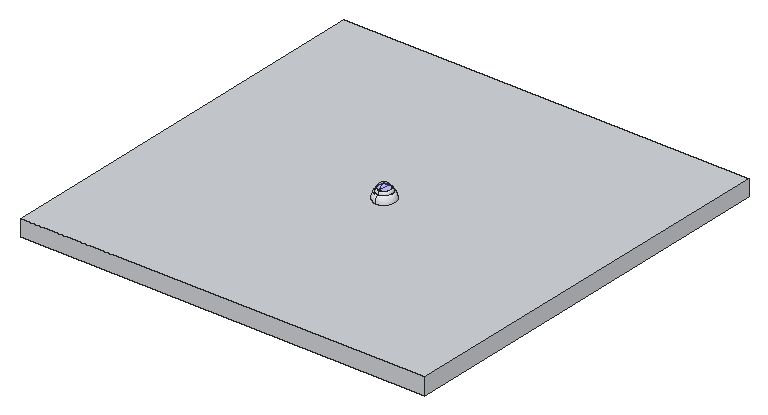
Revit family "BEG-92750", category Dispositifs d'éclairage, Revit 2015
Parameters
  Detection zone [instance] = yes
  Seat area [instance] = Height position < 351 cm  # yes
  URL = "http://www.luxomat.com/en-92750"
  Type of output = "DALI (50 ballast max)+DALI"
  Ambiant temperature = "-25°C to +50°C"
  Ref = "92750"
  Relay = "0"
  Height position [instance] = 250 cm
  Direct Range [instance] = Height position * 3.2  # 800 cm
  Transversal range [instance] = Height position * 9.6  # 2400 cm
  Modèle = "PD4-M-TRIO-DALI-SM"
  Installation type = "Ceiling"
  Brand = "LUXOMAT"
  Image du type = 92751.jpg
  IP = "20"
  Mounting height max = Installation height max  # 350 cm
  Installation height max = 350 cm
  Fabricant = "B.E.G"
  Label [instance] = yes
  Default Elevation = 0 cm
  Consumption = "2,09W"
  Commentaires du type = "Occupancy detector PD4-M-TRIO-DALI-SM"
  Code d'assemblage = "D5010200"
  Class = "2"
  Switching power LED = "0"
  Switching power Cos ɸ =1 = "0"
  Switching power Cos ɸ =0,5 = "0"
  Power voltage = "110-240 V AC"
  Seated activity [instance] = Height position * 2.56  # 640 cm
Reference planes (cm)
  plane 1 "Centre (avant/arrière)": y = 0
  plane 2: z = 0
  plane 3 "Centre (gauche/droite)": x = 0
Forms (cm)
  Extrusion 1, solid
    sketch origin (0, 0, 0) x (1, 0, 0) y (0, 1, 0)
      loop
        line (-121.92, 121.92) -> (-121.92, -121.92) -> (121.92, -121.92) -> (121.92, 121.92) -> (-121.92, 121.92)
    from 0 to -10
Dimensions and locks (cm)
  aligned and locked: plane 2 to Extrusion 1
  aligned and locked: level to Extrusion 1
  aligned and locked: nested 2 to plane 2
Nested families (cm)
  nested 1: "Famille1" at (0, -72.6659, 0) x (-1, 0, 0) z (0, 0, 1), reference <- "Ref", modele <- "Modèle", visible <- "Label", type "Famille1"
    with reference "92750", modele "PD4-M-TRIO-DALI-SM"
  nested 2: "M17" at (0, 0, 0), type "Standard"
  nested 3: "zone H" at (0, 0, 0) x (-1, 0, 0) z (0, 0, 1), visible <- "Detection zone", biais <- "Transversal range", frontal <- "Direct Range", activité assise <- "Seated activity", Zone assise <- "Seat area", type "zone H"
    with position 2 320 cm, position 1 960 cm, frontal 800 cm, biais 2400 cm, activité assise 640 cm, Zone assise yes
  nested 4: "Plafond 360° 2D" at (0, 0, 0), type "Plafond 360° 2D"
Connectors (cm)
  electrical at (0, 0, 0)
    settings: on nested 2, index 1, voltage 240 V, apparent load 0 VA, apparent load phase1 0 VA, apparent load phase2 0 VA, apparent load phase3 0 VA, power factor 1, load classification "Eclairage", number of poles 1, system type 31, power factor state 1, is connector primary yes, connector utility no, sub classification motor no, connector description ""
Definition of nested family "M17"
  Reference planes (cm)
    plane 1 "Centre (avant/arrière)": y = 0
    plane 2: z = 0
    plane 3 "Centre (gauche/droite)": x = 0
    plane 4: x = 0
  Forms (cm)
    Revolve 1, solid
      sketch origin (0, 0, 0) x (0, -1, 0) y (0, 0, 1)
        loop
          line (0, 0) -> (0, 5.75) -> (-3.85, 5.75)
          arc (-3.85, 5.75) -> (-4.2917, 5.0342) -> (-4.4, 4.2) r 2
          line (-4.4, 4.2) -> (-5.05, 4.2)
          arc (-5.05, 4.2) -> (-6.0341, 2.212) -> (-6.2, 0) r 5.8
          line (-6.2, 0) -> (0, 0)
        axis (0, 0) -> (0, 5.75)
      angle from 0 to 360
    Revolve 2, solid
      sketch origin (0, 0, 0) x (0, -1, 0) y (0, 0, 1)
        loop
          arc (0, 8.5) -> (-2.2453, 7.7321) -> (-3.55, 5.75) r 3.6664
          line (-3.55, 5.75) -> (0, 5.75) -> (0, 8.5)
        axis (0, 5.75) -> (0, 8.5)
      angle from 0 to 360
  Lines and regions (cm)
    reference lines
      curve 1: line (0, 0, 0) -> (0, 0, 8.5)
      curve 2: line (0, 0, 5.75) -> (0, 3.85, 5.75)
      curve 3: arc (0, 3.85, 5.75) -> (0, 4.2917, 5.0342) -> (0, 4.4, 4.2) r 2
      curve 4: line (0, 4.4, 4.2) -> (0, 5.05, 4.2)
      curve 5: arc (0, 5.05, 4.2) -> (0, 6.0341, 2.212) -> (0, 6.2, 0) r 5.8
      curve 6: line (0, 0, 0) -> (0, 6.2, 0)
      curve 7: arc (0, 0, 8.5) -> (0, 2.2453, 7.7321) -> (0, 3.55, 5.75) r 3.6664
      curve 8: line (0, 3.55, 5.75) -> (0, 0, 5.75)
      curve 9: line (0, 0, 8.5) -> (0, 0, 5.75)
      curve 10: line (0, 0, 0) -> (0, 0, 8.5)
  Dimensions and locks (cm)
    aligned and locked: level to plane 2
    aligned and locked: Revolve 1 sketch curve to curve 1  (x2)
    aligned and locked: Revolve 1 sketch curve to curve 2
    aligned and locked: Revolve 1 sketch curve to curve 3
    aligned and locked: Revolve 1 sketch curve to curve 4
    aligned and locked: Revolve 1 sketch curve to curve 5
    aligned and locked: Revolve 1 sketch curve to curve 6
    aligned and locked: Revolve 2 sketch curve to curve 7
    aligned and locked: Revolve 2 sketch curve to curve 8
    aligned and locked: Revolve 2 sketch curve to curve 9
    aligned and locked: Revolve 2 sketch curve to curve 10
Definition of nested family "Famille1"
  Parameters (values of type "Famille1")
    reference [instance] = ""
    modele [instance] = ""
  Reference planes (cm)
    plane 1: y = 0
    plane 2: x = 0
  Text (cm)
    label "reference\n\nmodele" at (0.0074, 0.0451, 0), shows "reference", "modele"
Definition of nested family "zone H"
  Parameters (values of type "zone H")
    position 2 [instance] = (frontal / 2) * 0.8  # 320 cm
    position 1 [instance] = (biais / 2) * 0.8  # 960 cm
    frontal [instance] = 800 cm
    biais [instance] = 2400 cm
    activité assise [instance] = 640 cm
    Zone assise [instance] = yes
  Reference planes (cm)
    plane 1 "Centre (avant/arrière)": y = 0
    plane 2: z = 0
    plane 3 "Centre (gauche/droite)": x = 0
    plane 4: x = -960
    plane 5: y = -320
  Lines and regions (cm)
    detail lines, in view "Niveau de réf.", visible <- "Zone assise"
      curve 1: circle (0, 0, 0) r 320 normal (0, 0, 1)
      curve 4: spline (-105.2767, 3.2118, 0) -> (-104.9106, 3.0586, 0) -> (-103.8375, 2.9158, 0) -> (-102.1303, 2.7932, 0) -> (-99.9055, 2.6991, 0) -> (-97.3146, 2.6399, 0) -> (-94.5343, 2.6198, 0) -> (-91.7539, 2.6399, 0) -> (-89.163, 2.6991, 0) -> (-86.9382, 2.7932, 0) -> (-85.231, 2.9158, 0) -> (-84.1579, 3.0586, 0) -> (-83.7918, 3.2118, 0) -> (-84.1579, 3.365, 0) -> (-85.231, 3.5078, 0) -> (-86.9382, 3.6305, 0) -> (-89.163, 3.7245, 0) -> (-91.7539, 3.7837, 0) -> (-94.5343, 3.8039, 0) -> (-97.3146, 3.7837, 0) -> (-99.9055, 3.7245, 0) -> (-102.1303, 3.6305, 0) -> (-103.8375, 3.5078, 0) -> (-104.9106, 3.365, 0) -> (-105.2767, 3.2118, 0)
      curve 5: line (-105.2767, 3.2118, 0) -> (-103.7271, 3.5181, 0)
      curve 6: arc (-102.6495, -16.5888, 0) -> (-107.2915, -17.186, 0) -> (-111.6311, -18.9388, 0) r 18.3388
      curve 7: arc (-111.6311, -18.9388, 0) -> (-111.6982, -19.0046, 0) -> (-111.7229, -19.0953, 0) r 0.1799
      curve 8: arc (-102.4571, -17.1805, 0) -> (-106.7473, -17.5804, 0) -> (-110.8538, -18.8852, 0) r 20.1051
      curve 9: arc (-110.8538, -18.8852, 0) -> (-111.0396, -18.979, 0) -> (-111.2122, -19.0953, 0) r 1.6679
      curve 10: circle (-111.4676, -19.8292, 0) r 0.5096 normal (0, 0, 1)
      curve 11: arc (-110.898, -19.8292, 0) -> (-111.4676, -19.2597, 0) -> (-112.0372, -19.8292, 0) r 0.5696
      curve 12: arc (-110.838, -19.8292, 0) -> (-111.4676, -19.1997, 0) -> (-112.0972, -19.8292, 0) r 0.6296
      curve 13: arc (-86.4191, -16.5888, 0) -> (-81.7771, -17.186, 0) -> (-77.4374, -18.9388, 0) r 18.3388
      curve 14: arc (-77.4374, -18.9388, 0) -> (-77.3704, -19.0046, 0) -> (-77.3456, -19.0953, 0) r 0.1799
      curve 15: arc (-86.6114, -17.1805, 0) -> (-82.3212, -17.5804, 0) -> (-78.2147, -18.8852, 0) r 20.1051
      curve 16: arc (-78.2147, -18.8852, 0) -> (-78.0289, -18.979, 0) -> (-77.8563, -19.0953, 0) r 1.6679
      curve 17: circle (-77.6009, -19.8292, 0) r 0.5096 normal (0, 0, 1)
      curve 18: arc (-77.0314, -19.8292, 0) -> (-77.6009, -19.2597, 0) -> (-78.1705, -19.8292, 0) r 0.5696
      curve 19: arc (-76.9714, -19.8292, 0) -> (-77.6009, -19.1997, 0) -> (-78.2305, -19.8292, 0) r 0.6296
      curve 20: arc (-95.2593, -16.5888, 0) -> (-98.9871, -17.441, 0) -> (-102.5056, -18.9388, 0) r 21.5424
      curve 21: arc (-102.5056, -18.9388, 0) -> (-102.5726, -19.0046, 0) -> (-102.5974, -19.0953, 0) r 0.1799
      curve 22: arc (-95.2593, -17.1805, 0) -> (-98.5536, -17.8061, 0) -> (-101.7283, -18.8852, 0) r 23.9713
      curve 23: arc (-101.7283, -18.8852, 0) -> (-101.911, -18.9772, 0) -> (-102.081, -19.0909, 0) r 1.6679
      curve 24: arc (-95.0229, -17.1805, 0) -> (-98.2689, -17.8294, 0) -> (-101.4063, -18.8852, 0) r 26.0219
      curve 25: arc (-101.4063, -18.8852, 0) -> (-101.592, -18.979, 0) -> (-101.7647, -19.0953, 0) r 1.6679
      curve 26: circle (-102.181, -19.8292, 0) r 0.5096 normal (0, 0, 1)
      curve 27: arc (-101.6114, -19.8292, 0) -> (-102.181, -19.2597, 0) -> (-102.7506, -19.8292, 0) r 0.5696
      curve 28: arc (-101.5514, -19.8292, 0) -> (-102.181, -19.1997, 0) -> (-102.8106, -19.8292, 0) r 0.6296
      curve 29: arc (-93.8092, -16.5888, 0) -> (-90.0814, -17.441, 0) -> (-86.5629, -18.9388, 0) r 21.5424
      curve 30: arc (-86.5629, -18.9388, 0) -> (-86.4959, -19.0046, 0) -> (-86.4711, -19.0953, 0) r 0.1799
      curve 31: arc (-93.8092, -17.1805, 0) -> (-90.5149, -17.8061, 0) -> (-87.3402, -18.8852, 0) r 23.9713
      curve 32: arc (-87.3402, -18.8852, 0) -> (-87.1544, -18.979, 0) -> (-86.9818, -19.0953, 0) r 1.6679
      curve 33: arc (-94.0457, -17.1805, 0) -> (-90.7996, -17.8294, 0) -> (-87.6622, -18.8852, 0) r 26.0219
      curve 34: arc (-87.6622, -18.8852, 0) -> (-87.4765, -18.979, 0) -> (-87.3039, -19.0953, 0) r 1.6679
      curve 35: circle (-86.8875, -19.8292, 0) r 0.5096 normal (0, 0, 1)
      curve 36: arc (-86.3179, -19.8292, 0) -> (-86.8875, -19.2597, 0) -> (-87.4571, -19.8292, 0) r 0.5696
      curve 37: arc (-86.2579, -19.8292, 0) -> (-86.8875, -19.1997, 0) -> (-87.5171, -19.8292, 0) r 0.6296
      curve 38: arc (-103.0079, 8.8705, 0) -> (-101.8776, 5.8173, 0) -> (-98.8653, 4.5819, 0) r 4.0512
      curve 39: arc (-83.7186, 4.2269, 0) -> (-82.9538, 3.7817, 0) -> (-82.7946, 2.9112, 0) r 1.0582
      curve 40: arc (-82.7946, 2.9112, 0) -> (-84.0889, -6.227, 0) -> (-84.0703, -15.4564, 0) r 64.7189
      curve 41: arc (-84.0703, -15.4564, 0) -> (-83.933, -16.0031, 0) -> (-83.4527, -16.2981, 0) r 0.7467
      curve 42: arc (-83.4527, -16.2981, 0) -> (-80.3714, -16.8717, 0) -> (-77.238, -16.9405, 0) r 19.3577
      curve 43: arc (-77.238, -16.9405, 0) -> (-77.6363, -16.4391, 0) -> (-78.2461, -16.244, 0) r 1.1013
      curve 44: arc (-78.2461, -16.244, 0) -> (-80.4274, -15.8096, 0) -> (-82.5587, -15.1742, 0) r 23.8747
      curve 45: arc (-82.5587, -15.1742, 0) -> (-81.6045, -6.5488, 0) -> (-80.848, 2.0961, 0) r 379.1961
      curve 46: arc (-80.848, 2.0961, 0) -> (-81.0708, 4.8418, 0) -> (-83.0581, 6.7494, 0) r 3.8846
      curve 47: arc (-83.0581, 6.7494, 0) -> (-89.2141, 8.8147, 0) -> (-95.6542, 9.6431, 0) r 33.2193
      curve 48: arc (-95.6542, 9.6431, 0) -> (-94.8516, 17.305, 0) -> (-94.8609, 25.0089, 0) r 72.9952
      curve 49: arc (-95.1116, 28.28, 0) -> (-95.2196, 29.2958, 0) -> (-95.3418, 30.31, 0) r 72.9952
      curve 50: arc (-98.1747, 30.0752, 0) -> (-100.3426, 29.2913, 0) -> (-99.4886, 27.1501, 0) r 1.6042
      curve 51: arc (-95.3418, 30.31, 0) -> (-98.7298, 32.2574, 0) -> (-102.1179, 30.31, 0) r 3.9209
      curve 52: arc (-68.8418, 20.3177, 0) -> (-68.8537, 20.2265, 0) -> (-68.9411, 20.2549, 0) r 0.0597
      curve 53: arc (-70.9776, 20.5408, 0) -> (-70.9496, 20.3832, 0) -> (-71.1082, 20.3621, 0) r 0.1108
      curve 54: spline (-98.8908, 41.6409, 0) -> (-97.9793, 41.5103, 0) -> (-97.1229, 41.0855, 0) -> (-96.38, 40.3954, 0) -> (-95.8012, 39.4871, 0) -> (-95.426, 38.4224, 0) -> (-95.2799, 37.274, 0) -> (-95.3728, 36.12, 0) -> (-95.6985, 35.0392, 0) -> (-96.2348, 34.1051, 0) -> (-96.945, 33.3815, 0) -> (-97.7809, 32.9176, 0) -> (-98.6854, 32.7451, 0) -> (-99.5969, 32.8757, 0) -> (-100.4532, 33.3005, 0) -> (-101.1961, 33.9906, 0) -> (-101.7749, 34.8989, 0) -> (-102.1502, 35.9636, 0) -> (-102.2963, 37.112, 0) -> (-102.2033, 38.266, 0) -> (-101.8776, 39.3468, 0) -> (-101.3414, 40.2809, 0) -> (-100.6311, 41.0045, 0) -> (-99.7953, 41.4684, 0) -> (-98.8908, 41.6409, 0)
      curve 55: line (-74.1608, -20.3388, 0) -> (-33.3759, -20.3388, 0)
      curve 56: line (-33.3759, -20.3388, 0) -> (-33.3759, 18.6681, 0)
      curve 57: line (-33.3759, 18.6681, 0) -> (-74.1608, 18.6681, 0)
      curve 58: line (-74.1608, 18.6681, 0) -> (-74.1608, -20.3388, 0)
      curve 59: line (-74.1608, -20.3388, 0) -> (-120.7181, -20.3388, 0)
      curve 60: line (-80.1025, 18.6681, 0) -> (-27.4342, 18.6681, 0)
      curve 61: line (-27.4342, 18.6681, 0) -> (-27.4342, 20.1345, 0)
      curve 62: line (-27.4342, 20.1345, 0) -> (-80.1025, 20.1345, 0)
      curve 63: line (-80.1025, 20.1345, 0) -> (-80.1025, 18.6681, 0)
      curve 64: line (-95.5223, 2.6198, 0) -> (-93.5462, 2.6198, 0)
      curve 65: line (-93.5462, 2.6198, 0) -> (-93.5462, -16.5888, 0)
      curve 66: line (-93.5462, -16.5888, 0) -> (-95.5223, -16.5888, 0)
      curve 67: line (-95.5223, -16.5888, 0) -> (-95.5223, 2.6198, 0)
      curve 68: line (-95.5223, -16.5888, 0) -> (-102.6495, -16.5888, 0)
      curve 69: line (-111.7229, -19.0953, 0) -> (-111.2122, -19.0953, 0)
      curve 70: line (-93.8092, -16.5888, 0) -> (-94.0457, -17.1805, 0)
      curve 71: line (-94.0457, -17.1805, 0) -> (-93.8092, -17.1805, 0)
      curve 72: line (-93.8092, -17.1805, 0) -> (-94.5343, -17.1805, 0)
      curve 73: line (-94.5343, -17.1805, 0) -> (-95.2593, -17.1805, 0)
      curve 74: line (-95.2593, -17.1805, 0) -> (-95.0229, -17.1805, 0)
      curve 75: line (-95.0229, -17.1805, 0) -> (-95.2593, -16.5888, 0)
      curve 76: line (-98.1226, -17.1805, 0) -> (-102.4571, -17.1805, 0)
      curve 77: line (-112.0372, -19.8292, 0) -> (-112.0972, -19.8292, 0)
      curve 78: line (-110.898, -19.8292, 0) -> (-110.838, -19.8292, 0)
      curve 79: line (-111.3676, -19.2076, 0) -> (-111.3676, -19.0953, 0)
      curve 80: line (-111.5676, -19.2076, 0) -> (-111.5676, -19.0953, 0)
      curve 81: line (-93.5462, -16.5888, 0) -> (-86.4191, -16.5888, 0)
      curve 82: line (-77.3456, -19.0953, 0) -> (-77.8563, -19.0953, 0)
      curve 83: line (-90.9459, -17.1805, 0) -> (-86.6114, -17.1805, 0)
      curve 84: line (-77.0314, -19.8292, 0) -> (-76.9714, -19.8292, 0)
      curve 85: line (-78.1705, -19.8292, 0) -> (-78.2305, -19.8292, 0)
      curve 86: line (-77.7009, -19.2076, 0) -> (-77.7009, -19.0953, 0)
      curve 87: line (-77.5009, -19.2076, 0) -> (-77.5009, -19.0953, 0)
      curve 88: line (-102.5974, -19.0953, 0) -> (-101.7647, -19.0953, 0)
      curve 89: line (-102.7506, -19.8292, 0) -> (-102.8106, -19.8292, 0)
      curve 90: line (-101.6114, -19.8292, 0) -> (-101.5514, -19.8292, 0)
      curve 91: line (-102.081, -19.2076, 0) -> (-102.081, -19.0909, 0)
      curve 92: line (-102.281, -19.2076, 0) -> (-102.281, -19.0953, 0)
      curve 93: line (-86.4711, -19.0953, 0) -> (-87.3039, -19.0953, 0)
      curve 94: line (-86.3179, -19.8292, 0) -> (-86.2579, -19.8292, 0)
      curve 95: line (-87.4571, -19.8292, 0) -> (-87.5171, -19.8292, 0)
      curve 96: line (-86.9875, -19.2076, 0) -> (-86.9875, -19.0953, 0)
      curve 97: line (-86.7875, -19.2076, 0) -> (-86.7875, -19.0953, 0)
      curve 98: line (-98.8653, 4.5819, 0) -> (-83.7186, 4.2269, 0)
      curve 99: line (-103.0079, 8.8705, 0) -> (-102.1179, 30.31, 0)
      curve 100: line (-98.1747, 30.0752, 0) -> (-85.3255, 22.5448, 0)
      curve 101: line (-85.3255, 22.5448, 0) -> (-74.2929, 21.667, 0)
      curve 102: line (-74.2929, 21.667, 0) -> (-71.6033, 21.7219, 0)
      curve 103: line (-71.6033, 21.7219, 0) -> (-69.7371, 21.2829, 0)
      curve 104: line (-69.7371, 21.2829, 0) -> (-68.8418, 20.3177, 0)
      curve 105: line (-68.9411, 20.2549, 0) -> (-69.7808, 21.0896, 0)
      curve 106: line (-69.7808, 21.0896, 0) -> (-71.6115, 21.2989, 0)
      curve 107: line (-71.6115, 21.2989, 0) -> (-72.0159, 21.0248, 0)
      curve 108: line (-72.0159, 21.0248, 0) -> (-70.9776, 20.5408, 0)
      curve 109: line (-71.1082, 20.3621, 0) -> (-72.6656, 20.8949, 0)
      curve 110: line (-72.6656, 20.8949, 0) -> (-74.496, 20.6558, 0)
      curve 111: line (-74.496, 20.6558, 0) -> (-86.0144, 20.9158, 0)
      curve 112: line (-86.0144, 20.9158, 0) -> (-99.4886, 27.1501, 0)
      curve 113: line (-99.8644, 32.9741, 0) -> (-99.9944, 32.0479, 0)
      curve 114: line (-97.5142, 33.0301, 0) -> (-97.3718, 32.0147, 0)
      curve 115: line (-33.3759, -20.3388, 0) -> (-21.8014, -20.3388, 0)
    detail lines, in view "Niveau de réf."
      curve 2: circle (0, 0, 0) r 400 normal (0, 0, 1)
      curve 3: circle (0, 0, 0) r 1200 normal (0, 0, 1)
      curve 116: spline (2.3068, -347.7265, 0) -> (4.0856, -347.3949, 0) -> (5.7432, -346.4226, 0) -> (7.1667, -344.876, 0) -> (8.2589, -342.8603, 0) -> (8.9455, -340.5131, 0) -> (9.1797, -337.9942, 0) -> (8.9455, -335.4753, 0) -> (8.2589, -333.1281, 0) -> (7.1667, -331.1125, 0) -> (5.7432, -329.5658, 0) -> (4.0856, -328.5936, 0) -> (2.3068, -328.262, 0) -> (0.5279, -328.5936, 0) -> (-1.1297, -329.5658, 0) -> (-2.5531, -331.1125, 0) -> (-3.6453, -333.1281, 0) -> (-4.3319, -335.4753, 0) -> (-4.5661, -337.9942, 0) -> (-4.3319, -340.5131, 0) -> (-3.6453, -342.8603, 0) -> (-2.5531, -344.876, 0) -> (-1.1297, -346.4226, 0) -> (0.5279, -347.3949, 0) -> (2.3068, -347.7265, 0)
      curve 117: line (-4.7649, -335.0929, 0) -> (0.5136, -347.9212, 0)
      curve 118: line (3.5648, -348.0775, 0) -> (9.2455, -334.5266, 0)
      curve 119: line (-0.3759, -328.4588, 0) -> (-3.0011, -330.8806, 0)
      curve 120: line (3.5053, -348.5045, 0) -> (6.62, -348.3756, 0)
      curve 121: line (1.7304, -348.3525, 0) -> (3.5053, -348.5045, 0)
      curve 122: line (-4.7649, -335.0929, 0) -> (0.5136, -347.9212, 0)
      curve 123: line (-21.1936, -335.3894, 0) -> (-24.4202, -337.3623, 0)
      curve 124: line (-21.1936, -335.3894, 0) -> (-24.4202, -337.3623, 0)
      curve 125: line (-0.3759, -328.4588, 0) -> (-3.0011, -330.8806, 0)
      curve 126: line (1.7304, -348.3525, 0) -> (6.62, -348.3756, 0)
      curve 127: line (3.5648, -348.0775, 0) -> (9.2455, -334.5266, 0)
      curve 128: line (0, -320, 0) -> (0, -289.0788, 0)
      curve 129: line (0, -289.0788, 0) -> (0, -280.7814, 0)
      curve 130: spline (-957.6932, -27.7265, 0) -> (-955.9144, -27.3949, 0) -> (-954.2568, -26.4226, 0) -> (-952.8333, -24.876, 0) -> (-951.7411, -22.8603, 0) -> (-951.0545, -20.5131, 0) -> (-950.8203, -17.9942, 0) -> (-951.0545, -15.4753, 0) -> (-951.7411, -13.1281, 0) -> (-952.8333, -11.1125, 0) -> (-954.2568, -9.5658, 0) -> (-955.9144, -8.5936, 0) -> (-957.6932, -8.262, 0) -> (-959.4721, -8.5936, 0) -> (-961.1297, -9.5658, 0) -> (-962.5531, -11.1125, 0) -> (-963.6453, -13.1281, 0) -> (-964.3319, -15.4753, 0) -> (-964.5661, -17.9942, 0) -> (-964.3319, -20.5131, 0) -> (-963.6453, -22.8603, 0) -> (-962.5531, -24.876, 0) -> (-961.1297, -26.4226, 0) -> (-959.4721, -27.3949, 0) -> (-957.6932, -27.7265, 0)
      curve 131: line (-964.7649, -15.0929, 0) -> (-959.4864, -27.9212, 0)
      curve 132: line (-956.4352, -28.0775, 0) -> (-950.7545, -14.5266, 0)
      curve 133: line (-960.3759, -8.4588, 0) -> (-963.0011, -10.8806, 0)
      curve 134: line (-956.4947, -28.5045, 0) -> (-953.38, -28.3756, 0)
      curve 135: line (-958.2696, -28.3525, 0) -> (-956.4947, -28.5045, 0)
      curve 136: line (-964.7649, -15.0929, 0) -> (-959.4864, -27.9212, 0)
      curve 137: line (-981.1936, -15.3894, 0) -> (-984.4202, -17.3623, 0)
      curve 138: line (-981.1936, -15.3894, 0) -> (-984.4202, -17.3623, 0)
      curve 139: line (-960.3759, -8.4588, 0) -> (-963.0011, -10.8806, 0)
      curve 140: line (-958.2696, -28.3525, 0) -> (-953.38, -28.3756, 0)
      curve 141: line (-956.4352, -28.0775, 0) -> (-950.7545, -14.5266, 0)
      curve 142: line (-960, 0, 0) -> (-960, 30.9212, 0)
      curve 143: line (-960, 30.9212, 0) -> (-960, 39.2186, 0)
    detail lines, in view "Niveau de réf.", visible <- "Zone assise", not visible
      curve 144: spline (925.976, -22.5654, 0) -> (926.342, -22.7186, 0) -> (927.4152, -22.8614, 0) -> (929.1224, -22.984, 0) -> (931.3472, -23.0781, 0) -> (933.938, -23.1373, 0) -> (936.7184, -23.1574, 0) -> (939.4987, -23.1373, 0) -> (942.0896, -23.0781, 0) -> (944.3144, -22.984, 0) -> (946.0216, -22.8614, 0) -> (947.0948, -22.7186, 0) -> (947.4608, -22.5654, 0) -> (947.0948, -22.4122, 0) -> (946.0216, -22.2694, 0) -> (944.3144, -22.1467, 0) -> (942.0896, -22.0527, 0) -> (939.4987, -21.9935, 0) -> (936.7184, -21.9733, 0) -> (933.938, -21.9935, 0) -> (931.3472, -22.0527, 0) -> (929.1224, -22.1467, 0) -> (927.4152, -22.2694, 0) -> (926.342, -22.4122, 0) -> (925.976, -22.5654, 0)
      curve 145: line (925.976, -22.5654, 0) -> (927.5256, -22.2591, 0)
      curve 146: arc (928.6032, -42.366, 0) -> (923.9612, -42.9632, 0) -> (919.6215, -44.716, 0) r 18.3388
      curve 147: arc (919.6215, -44.716, 0) -> (919.5545, -44.7818, 0) -> (919.5297, -44.8725, 0) r 0.1799
      curve 148: arc (928.7956, -42.9577, 0) -> (924.5053, -43.3576, 0) -> (920.3988, -44.6624, 0) r 20.1051
      curve 149: arc (920.3988, -44.6624, 0) -> (920.213, -44.7562, 0) -> (920.0404, -44.8725, 0) r 1.6679
      curve 150: circle (919.7851, -45.6065, 0) r 0.5096 normal (0, 0, 1)
      curve 151: arc (920.3547, -45.6065, 0) -> (919.7851, -45.0369, 0) -> (919.2155, -45.6065, 0) r 0.5696
      curve 152: arc (920.4147, -45.6065, 0) -> (919.7851, -44.9769, 0) -> (919.1555, -45.6065, 0) r 0.6296
      curve 153: arc (944.8336, -42.366, 0) -> (949.4756, -42.9632, 0) -> (953.8152, -44.716, 0) r 18.3388
      curve 154: arc (953.8152, -44.716, 0) -> (953.8823, -44.7818, 0) -> (953.907, -44.8725, 0) r 0.1799
      curve 155: arc (944.6412, -42.9577, 0) -> (948.9315, -43.3576, 0) -> (953.038, -44.6624, 0) r 20.1051
      curve 156: arc (953.038, -44.6624, 0) -> (953.2237, -44.7562, 0) -> (953.3964, -44.8725, 0) r 1.6679
      curve 157: circle (953.6517, -45.6065, 0) r 0.5096 normal (0, 0, 1)
      curve 158: arc (954.2213, -45.6065, 0) -> (953.6517, -45.0369, 0) -> (953.0821, -45.6065, 0) r 0.5696
      curve 159: arc (954.2813, -45.6065, 0) -> (953.6517, -44.9769, 0) -> (953.0221, -45.6065, 0) r 0.6296
      curve 160: arc (935.9933, -42.366, 0) -> (932.2655, -43.2182, 0) -> (928.7471, -44.716, 0) r 21.5424
      curve 161: arc (928.7471, -44.716, 0) -> (928.68, -44.7818, 0) -> (928.6553, -44.8725, 0) r 0.1799
      curve 162: arc (935.9933, -42.9577, 0) -> (932.6991, -43.5833, 0) -> (929.5243, -44.6624, 0) r 23.9713
      curve 163: arc (929.5243, -44.6624, 0) -> (929.3417, -44.7544, 0) -> (929.1716, -44.8681, 0) r 1.6679
      curve 164: arc (936.2298, -42.9577, 0) -> (932.9838, -43.6066, 0) -> (929.8464, -44.6624, 0) r 26.0219
      curve 165: arc (929.8464, -44.6624, 0) -> (929.6606, -44.7562, 0) -> (929.488, -44.8725, 0) r 1.6679
      curve 166: circle (929.0716, -45.6065, 0) r 0.5096 normal (0, 0, 1)
      curve 167: arc (929.6412, -45.6065, 0) -> (929.0716, -45.0369, 0) -> (928.502, -45.6065, 0) r 0.5696
      curve 168: arc (929.7012, -45.6065, 0) -> (929.0716, -44.9769, 0) -> (928.442, -45.6065, 0) r 0.6296
      curve 169: arc (937.4435, -42.366, 0) -> (941.1713, -43.2182, 0) -> (944.6897, -44.716, 0) r 21.5424
      curve 170: arc (944.6897, -44.716, 0) -> (944.7568, -44.7818, 0) -> (944.7815, -44.8725, 0) r 0.1799
      curve 171: arc (937.4435, -42.9577, 0) -> (940.7377, -43.5833, 0) -> (943.9124, -44.6624, 0) r 23.9713
      curve 172: arc (943.9124, -44.6624, 0) -> (944.0982, -44.7562, 0) -> (944.2708, -44.8725, 0) r 1.6679
      curve 173: arc (937.207, -42.9577, 0) -> (940.453, -43.6066, 0) -> (943.5904, -44.6624, 0) r 26.0219
      curve 174: arc (943.5904, -44.6624, 0) -> (943.7762, -44.7562, 0) -> (943.9488, -44.8725, 0) r 1.6679
      curve 175: circle (944.3651, -45.6065, 0) r 0.5096 normal (0, 0, 1)
      curve 176: arc (944.9347, -45.6065, 0) -> (944.3651, -45.0369, 0) -> (943.7956, -45.6065, 0) r 0.5696
      curve 177: arc (944.9947, -45.6065, 0) -> (944.3651, -44.9769, 0) -> (943.7356, -45.6065, 0) r 0.6296
      curve 178: arc (928.2447, -16.9067, 0) -> (929.3751, -19.9599, 0) -> (932.3873, -21.1953, 0) r 4.0512
      curve 179: arc (947.5341, -21.5503, 0) -> (948.2989, -21.9955, 0) -> (948.4581, -22.866, 0) r 1.0582
      curve 180: arc (948.4581, -22.866, 0) -> (947.1637, -32.0042, 0) -> (947.1824, -41.2336, 0) r 64.7189
      curve 181: arc (947.1824, -41.2336, 0) -> (947.3196, -41.7803, 0) -> (947.8, -42.0753, 0) r 0.7467
      curve 182: arc (947.8, -42.0753, 0) -> (950.8812, -42.6489, 0) -> (954.0146, -42.7177, 0) r 19.3577
      curve 183: arc (954.0146, -42.7177, 0) -> (953.6164, -42.2163, 0) -> (953.0065, -42.0212, 0) r 1.1013
      curve 184: arc (953.0065, -42.0212, 0) -> (950.8253, -41.5868, 0) -> (948.6939, -40.9514, 0) r 23.8747
      curve 185: arc (948.6939, -40.9514, 0) -> (949.6481, -32.326, 0) -> (950.4047, -23.6811, 0) r 379.1961
      curve 186: arc (950.4047, -23.6811, 0) -> (950.1819, -20.9354, 0) -> (948.1945, -19.0278, 0) r 3.8846
      curve 187: arc (948.1945, -19.0278, 0) -> (942.0386, -16.9625, 0) -> (935.5985, -16.1341, 0) r 33.2193
      curve 188: arc (935.5985, -16.1341, 0) -> (936.4011, -8.4722, 0) -> (936.3918, -0.7683, 0) r 72.9952
      curve 189: arc (936.1411, 2.5028, 0) -> (936.0331, 3.5186, 0) -> (935.9108, 4.5328, 0) r 72.9952
      curve 190: arc (933.0779, 4.298, 0) -> (930.9101, 3.5141, 0) -> (931.7641, 1.3729, 0) r 1.6042
      curve 191: arc (935.9108, 4.5328, 0) -> (932.5228, 6.4802, 0) -> (929.1348, 4.5328, 0) r 3.9209
      curve 192: arc (962.4108, -5.4595, 0) -> (962.3989, -5.5507, 0) -> (962.3115, -5.5223, 0) r 0.0597
      curve 193: arc (960.275, -5.2364, 0) -> (960.303, -5.394, 0) -> (960.1444, -5.4151, 0) r 0.1108
      curve 194: spline (932.3619, 15.8637, 0) -> (933.2734, 15.7331, 0) -> (934.1297, 15.3083, 0) -> (934.8726, 14.6182, 0) -> (935.4514, 13.7099, 0) -> (935.8267, 12.6452, 0) -> (935.9728, 11.4968, 0) -> (935.8798, 10.3428, 0) -> (935.5541, 9.262, 0) -> (935.0179, 8.3279, 0) -> (934.3076, 7.6043, 0) -> (933.4718, 7.1404, 0) -> (932.5673, 6.9679, 0) -> (931.6558, 7.0985, 0) -> (930.7994, 7.5233, 0) -> (930.0565, 8.2134, 0) -> (929.4777, 9.1217, 0) -> (929.1025, 10.1864, 0) -> (928.9564, 11.3348, 0) -> (929.0493, 12.4888, 0) -> (929.375, 13.5696, 0) -> (929.9113, 14.5037, 0) -> (930.6215, 15.2273, 0) -> (931.4574, 15.6912, 0) -> (932.3619, 15.8637, 0)
      curve 195: line (957.0918, -46.116, 0) -> (997.8768, -46.116, 0)
      curve 196: line (997.8768, -46.116, 0) -> (997.8768, -7.1091, 0)
      curve 197: line (997.8768, -7.1091, 0) -> (957.0918, -7.1091, 0)
      curve 198: line (957.0918, -7.1091, 0) -> (957.0918, -46.116, 0)
      curve 199: line (957.0918, -46.116, 0) -> (910.5345, -46.116, 0)
      curve 200: line (951.1501, -7.1091, 0) -> (1003.8185, -7.1091, 0)
      curve 201: line (1003.8185, -7.1091, 0) -> (1003.8185, -5.6427, 0)
      curve 202: line (1003.8185, -5.6427, 0) -> (951.1501, -5.6427, 0)
      curve 203: line (951.1501, -5.6427, 0) -> (951.1501, -7.1091, 0)
      curve 204: line (935.7304, -23.1574, 0) -> (937.7064, -23.1574, 0)
      curve 205: line (937.7064, -23.1574, 0) -> (937.7064, -42.366, 0)
      curve 206: line (937.7064, -42.366, 0) -> (935.7304, -42.366, 0)
      curve 207: line (935.7304, -42.366, 0) -> (935.7304, -23.1574, 0)
      curve 208: line (935.7304, -42.366, 0) -> (928.6032, -42.366, 0)
      curve 209: line (919.5297, -44.8725, 0) -> (920.0404, -44.8725, 0)
      curve 210: line (937.4435, -42.366, 0) -> (937.207, -42.9577, 0)
      curve 211: line (937.207, -42.9577, 0) -> (937.4435, -42.9577, 0)
      curve 212: line (937.4435, -42.9577, 0) -> (936.7184, -42.9577, 0)
      curve 213: line (936.7184, -42.9577, 0) -> (935.9933, -42.9577, 0)
      curve 214: line (935.9933, -42.9577, 0) -> (936.2298, -42.9577, 0)
      curve 215: line (936.2298, -42.9577, 0) -> (935.9933, -42.366, 0)
      curve 216: line (933.13, -42.9577, 0) -> (928.7956, -42.9577, 0)
      curve 217: line (919.2155, -45.6065, 0) -> (919.1555, -45.6065, 0)
      curve 218: line (920.3547, -45.6065, 0) -> (920.4147, -45.6065, 0)
      curve 219: line (919.8851, -44.9848, 0) -> (919.8851, -44.8725, 0)
      curve 220: line (919.6851, -44.9848, 0) -> (919.6851, -44.8725, 0)
      curve 221: line (937.7064, -42.366, 0) -> (944.8336, -42.366, 0)
      curve 222: line (953.907, -44.8725, 0) -> (953.3964, -44.8725, 0)
      curve 223: line (940.3068, -42.9577, 0) -> (944.6412, -42.9577, 0)
      curve 224: line (954.2213, -45.6065, 0) -> (954.2813, -45.6065, 0)
      curve 225: line (953.0821, -45.6065, 0) -> (953.0221, -45.6065, 0)
      curve 226: line (953.5517, -44.9848, 0) -> (953.5517, -44.8725, 0)
      curve 227: line (953.7517, -44.9848, 0) -> (953.7517, -44.8725, 0)
      curve 228: line (928.6553, -44.8725, 0) -> (929.488, -44.8725, 0)
      curve 229: line (928.502, -45.6065, 0) -> (928.442, -45.6065, 0)
      curve 230: line (929.6412, -45.6065, 0) -> (929.7012, -45.6065, 0)
      curve 231: line (929.1716, -44.9848, 0) -> (929.1716, -44.8681, 0)
      curve 232: line (928.9716, -44.9848, 0) -> (928.9716, -44.8725, 0)
      curve 233: line (944.7815, -44.8725, 0) -> (943.9488, -44.8725, 0)
      curve 234: line (944.9347, -45.6065, 0) -> (944.9947, -45.6065, 0)
      curve 235: line (943.7956, -45.6065, 0) -> (943.7356, -45.6065, 0)
      curve 236: line (944.2651, -44.9848, 0) -> (944.2651, -44.8725, 0)
      curve 237: line (944.4651, -44.9848, 0) -> (944.4651, -44.8725, 0)
      curve 238: line (932.3873, -21.1953, 0) -> (947.5341, -21.5503, 0)
      curve 239: line (928.2447, -16.9067, 0) -> (929.1348, 4.5328, 0)
      curve 240: line (933.0779, 4.298, 0) -> (945.9271, -3.2324, 0)
      curve 241: line (945.9271, -3.2324, 0) -> (956.9598, -4.1102, 0)
      curve 242: line (956.9598, -4.1102, 0) -> (959.6493, -4.0553, 0)
      curve 243: line (959.6493, -4.0553, 0) -> (961.5155, -4.4943, 0)
      curve 244: line (961.5155, -4.4943, 0) -> (962.4108, -5.4595, 0)
      curve 245: line (962.3115, -5.5223, 0) -> (961.4719, -4.6876, 0)
      curve 246: line (961.4719, -4.6876, 0) -> (959.6412, -4.4783, 0)
      curve 247: line (959.6412, -4.4783, 0) -> (959.2367, -4.7524, 0)
      curve 248: line (959.2367, -4.7524, 0) -> (960.275, -5.2364, 0)
      curve 249: line (960.1444, -5.4151, 0) -> (958.5871, -4.8823, 0)
      curve 250: line (958.5871, -4.8823, 0) -> (956.7566, -5.1214, 0)
      curve 251: line (956.7566, -5.1214, 0) -> (945.2383, -4.8614, 0)
      curve 252: line (945.2383, -4.8614, 0) -> (931.7641, 1.3729, 0)
      curve 253: line (931.3882, 7.1969, 0) -> (931.2583, 6.2707, 0)
      curve 254: line (933.7384, 7.2529, 0) -> (933.8809, 6.2375, 0)
      curve 255: line (997.8768, -46.116, 0) -> (1009.4512, -46.116, 0)
    detail lines, in view "Niveau de réf.", not visible
      curve 256: spline (630.3724, -48.277, 0) -> (632.1512, -47.9453, 0) -> (633.8088, -46.9731, 0) -> (635.2323, -45.4264, 0) -> (636.3245, -43.4108, 0) -> (637.0111, -41.0636, 0) -> (637.2453, -38.5447, 0) -> (637.0111, -36.0258, 0) -> (636.3245, -33.6786, 0) -> (635.2323, -31.663, 0) -> (633.8088, -30.1163, 0) -> (632.1512, -29.1441, 0) -> (630.3724, -28.8124, 0) -> (628.5935, -29.1441, 0) -> (626.9359, -30.1163, 0) -> (625.5125, -31.663, 0) -> (624.4202, -33.6786, 0) -> (623.7336, -36.0258, 0) -> (623.4995, -38.5447, 0) -> (623.7336, -41.0636, 0) -> (624.4202, -43.4108, 0) -> (625.5125, -45.4264, 0) -> (626.9359, -46.9731, 0) -> (628.5935, -47.9453, 0) -> (630.3724, -48.277, 0)
      curve 257: line (623.3007, -35.6434, 0) -> (628.5792, -48.4717, 0)
      curve 258: line (631.6303, -48.628, 0) -> (637.311, -35.0771, 0)
      curve 259: line (627.6897, -29.0093, 0) -> (625.0645, -31.4311, 0)
      curve 260: line (631.5709, -49.055, 0) -> (634.6856, -48.9261, 0)
      curve 261: line (629.7959, -48.903, 0) -> (631.5709, -49.055, 0)
      curve 262: line (623.3007, -35.6434, 0) -> (628.5792, -48.4717, 0)
      curve 263: line (606.872, -35.9399, 0) -> (603.6454, -37.9127, 0)
      curve 264: line (606.872, -35.9399, 0) -> (603.6454, -37.9127, 0)
      curve 265: line (627.6897, -29.0093, 0) -> (625.0645, -31.4311, 0)
      curve 266: line (629.7959, -48.903, 0) -> (634.6856, -48.9261, 0)
      curve 267: line (631.6303, -48.628, 0) -> (637.311, -35.0771, 0)
      curve 268: line (628.0656, -20.5505, 0) -> (628.0656, 10.3707, 0)
      curve 269: line (628.0656, 10.3707, 0) -> (628.0656, 18.6681, 0)
      curve 270: spline (1030.3724, -260.777, 0) -> (1032.1512, -260.4453, 0) -> (1033.8088, -259.4731, 0) -> (1035.2323, -257.9264, 0) -> (1036.3245, -255.9108, 0) -> (1037.0111, -253.5636, 0) -> (1037.2453, -251.0447, 0) -> (1037.0111, -248.5258, 0) -> (1036.3245, -246.1786, 0) -> (1035.2323, -244.163, 0) -> (1033.8088, -242.6163, 0) -> (1032.1512, -241.6441, 0) -> (1030.3724, -241.3124, 0) -> (1028.5935, -241.6441, 0) -> (1026.9359, -242.6163, 0) -> (1025.5125, -244.163, 0) -> (1024.4202, -246.1786, 0) -> (1023.7336, -248.5258, 0) -> (1023.4995, -251.0447, 0) -> (1023.7336, -253.5636, 0) -> (1024.4202, -255.9108, 0) -> (1025.5125, -257.9264, 0) -> (1026.9359, -259.4731, 0) -> (1028.5935, -260.4453, 0) -> (1030.3724, -260.777, 0)
      curve 271: line (1023.3007, -248.1434, 0) -> (1028.5792, -260.9717, 0)
      curve 272: line (1031.6303, -261.128, 0) -> (1037.311, -247.5771, 0)
      curve 273: line (1027.6897, -241.5093, 0) -> (1025.0645, -243.9311, 0)
      curve 274: line (1031.5709, -261.555, 0) -> (1034.6856, -261.4261, 0)
      curve 275: line (1029.7959, -261.403, 0) -> (1031.5709, -261.555, 0)
      curve 276: line (1023.3007, -248.1434, 0) -> (1028.5792, -260.9717, 0)
      curve 277: line (1006.872, -248.4399, 0) -> (1003.6454, -250.4127, 0)
      curve 278: line (1006.872, -248.4399, 0) -> (1003.6454, -250.4127, 0)
      curve 279: line (1027.6897, -241.5093, 0) -> (1025.0645, -243.9311, 0)
      curve 280: line (1029.7959, -261.403, 0) -> (1034.6856, -261.4261, 0)
      curve 281: line (1031.6303, -261.128, 0) -> (1037.311, -247.5771, 0)
      curve 282: line (1028.0656, -233.0505, 0) -> (1028.0656, -202.1293, 0)
      curve 283: line (1028.0656, -202.1293, 0) -> (1028.0656, -193.8319, 0)
  Text (cm)
    text "2" at (0.4332, -361.3743, 0), in view "Niveau de réf."
    text "1" at (-959.5668, -41.3743, 0), in view "Niveau de réf."
    text "1" at (628.4988, -61.9248, 0), in view "Niveau de réf.", not visible
    text "2" at (1028.4988, -274.4248, 0), in view "Niveau de réf.", not visible
  Dimensions and locks (cm)
    "position 1": plane 4 to plane 3 "Centre (gauche/droite)"
    "position 2": plane 5 to plane 1 "Centre (avant/arrière)"
    "activité assise": diameter of curve 1
    "biais": diameter of curve 3
    "frontal": diameter of curve 2
    aligned and locked: curve 142 to plane 1 "Centre (avant/arrière)"
    aligned and locked: curve 128 to plane 3 "Centre (gauche/droite)"
    aligned and locked: plane 4 to curve 142
    aligned and locked: plane 5 to curve 128
  Automatic sketch dimensions
    curve 1 to curve 2 = 0 cm  (x2)
    curve 1 to curve 3 = 0 cm  (x2)
    curve 2 to curve 3 = 0 cm  (x2)
    plane 1 "Centre (avant/arrière)" to curve 2 = 0 cm
    curve 2 to plane 3 "Centre (gauche/droite)" = 0 cm
Definition of nested family "Plafond 360° 2D"
  Reference planes (cm)
    plane 1: y = 0
    plane 2: x = 0
  Lines and regions (cm)
    Filled region 1, type "rouge"
      outline origin (0, 0, 0) x (1, 0, 0) y (0, 1, 0)
        loop
          circle (0, 0) r 0.0294
    detail lines
      curve 1: arc (-0.1732, 0.1, 0) -> (-0.2, 0, 0) -> (-0.1732, -0.1, 0) r 0.2
      curve 2: arc (-0.1, -0.1732, 0) -> (0, -0.2, 0) -> (0.1, -0.1732, 0) r 0.2
      curve 3: arc (0.1732, -0.1, 0) -> (0.2, 0, 0) -> (0.1732, 0.1, 0) r 0.2
      curve 4: arc (0.1, 0.1732, 0) -> (0, 0.2, 0) -> (-0.1, 0.1732, 0) r 0.2
      curve 5: arc (-0.1375, 0.0794, 0) -> (-0.1588, 0, 0) -> (-0.1375, -0.0794, 0) r 0.1588
      curve 6: arc (-0.0794, -0.1375, 0) -> (0, -0.1588, 0) -> (0.0794, -0.1375, 0) r 0.1588
      curve 7: arc (0.1375, -0.0794, 0) -> (0.1588, 0, 0) -> (0.1375, 0.0794, 0) r 0.1588
      curve 8: arc (0.0794, 0.1375, 0) -> (0, 0.1588, 0) -> (-0.0794, 0.1375, 0) r 0.1588
      curve 9: arc (-0.1019, 0.0588, 0) -> (-0.1176, 0, 0) -> (-0.1019, -0.0588, 0) r 0.1176
      curve 10: arc (-0.0588, -0.1019, 0) -> (0, -0.1176, 0) -> (0.0588, -0.1019, 0) r 0.1176
      curve 11: arc (0.1019, -0.0588, 0) -> (0.1176, 0, 0) -> (0.1019, 0.0588, 0) r 0.1176
      curve 12: arc (0.0588, 0.1019, 0) -> (0, 0.1176, 0) -> (-0.0588, 0.1019, 0) r 0.1176
      curve 13: arc (-0.0294, 0, 0) -> (0, -0.0294, 0) -> (0.0294, 0, 0) r 0.0294
      curve 14: arc (0.0294, 0, 0) -> (0, 0.0294, 0) -> (-0.0294, 0, 0) r 0.0294
